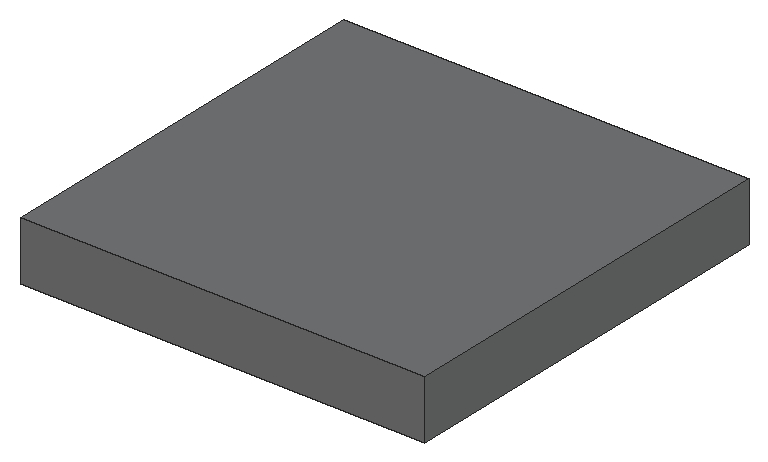
Revit family "Gira_0876005", category Electrical Fixtures, host Face, Revit 2017
Family settings
  Host = Face
  Maintain Annotation Orientation = No
  Round Connector Dimension = Use Diameter
  Part Type = Normal
  Cut with Voids When Loaded = No
  Shared = No
  Room Calculation Point = No
Parameters (values of type "Abd. BSF TAE USB System 55 Schwarz m")
  Zusammenstellung = "Zentralplatte"
  Werkstoffgüte = "sonstige"
  Werkstoff = "Kunststoff"
  Verwendung = "TAE"
  URL = "http://katalog.gira.de/de_DE/datenblatt.html?artikelnr=0876005"
  Transparent = "No"
  Tragring = "No"
  Region = "DE"
  Oberfläche = "sonstige"
  Name = "Abd. BSF TAE USB System 55 Schwarz m"
  Montageart = "unter Putz"
  Mit Zugentlastung = "No"
  Mit Staubschutz = "No"
  Mit Klappdeckel = "No"
  Mit Aufdruck = "No"
  Manufacturer URL = "https://www.gira.de/"
  Lüsterklemme = "No"
  Keynote = "Sys55_Abdeckung_Schalten und Tasten"
  HeinzeBIM = "https://bimportal.heinze.de/bim/abd-bsf-tae-usb-system-55-schwarz-m/11a9fbf9cbfa8a81939bd8b68ac824184f124d17"
  Halogenfrei = "Yes"
  HAN = "0876005"
  Geeignet für Schutzart (IP) = "IP20"
  GTIN = "4010337036531"
  Farbe = "schwarz"
  Default Elevation = 1219.2 mm
  Data sheet (1) = "https://katalog.gira.de/de_DE/download.html?artikelnr=0876005"
  Category = "Einsatz/Abdeckung für Kommunikationstechnik"
  Beschriftungsfeld = "mit Beschriftungsfeld"
  Befestigungsart = "Befestigung mit Schraube"
  Available = "Yes"
  Ausführung der Oberfläche = "matt"
  Anthrazit [instance] = Anthrazit
Reference planes
  plane 1 "Center (Front/Back)": y = 0
  plane 2: z = 0
  plane 3 "Center (Left/Right)": x = 0
Forms (mm)
  Extrusion 1, solid, material "Anthrazit" <- "Anthrazit", detail levels fine
    sketch origin (0, 0, 0) x (1, 0, 0) y (0, 1, 0)
      loop
        line (-27.5, 27.5) -> (-27.5, -27.5) -> (27.5, -27.5) -> (27.5, 27.5) -> (-27.5, 27.5)
    from 0 to 8
  Extrusion 2, void
    sketch origin (0, 0, 0) x (1, 0, 0) y (0, 1, 0)
      loop
        line (26, 26) -> (-26, 26) -> (-26, -26) -> (26, -26) -> (26, 26)
    from 0 to 6
  Extrusion 3, solid, material "Anthrazit" <- "Anthrazit", detail levels medium
    sketch origin (0, 0, 0) x (1, 0, 0) y (0, 1, 0)
      loop
        line (-27.5, 27.5) -> (-27.5, -27.5) -> (27.5, -27.5) -> (27.5, 27.5) -> (-27.5, 27.5)
    from 0 to 8
  Extrusion 4, solid, material "Anthrazit" <- "Anthrazit", detail levels medium
    sketch origin (0, 0, 0) x (1, 0, 0) y (0, 1, 0)
      loop
        line (11, -17.5) -> (11, 17.5) -> (-11, 17.5) -> (-11, -17.5) -> (11, -17.5)
    from -6 to 6
  Extrusion 5, solid, material "Anthrazit" <- "Anthrazit", detail levels fine
    sketch origin (0, 0, 0) x (1, 0, 0) y (0, 1, 0)
      loop
        line (11, 17.5) -> (-11, 17.5) -> (-11, 16.5) -> (11, 16.5) -> (11, 17.5)
      loop
        line (-11, -16.5) -> (-11, -17.5) -> (11, -17.5) -> (11, -16.5) -> (-11, -16.5)
    from -4 to 6
  Extrusion 6, solid, material "Anthrazit" <- "Anthrazit", detail levels fine
    sketch origin (0, 0, 0) x (1, 0, 0) y (0, 1, 0)
      loop
        arc (5, 9.347) -> (0, 10.6) -> (-5, 9.347) r 10.6
        line (-5, 9.347) -> (-5, -9.347)
        arc (-5, -9.347) -> (0, -10.6) -> (5, -9.347) r 10.6
        line (5, -9.347) -> (5, 9.347)
    from -6 to 6
  Extrusion 7, solid, material "Anthrazit" <- "Anthrazit", detail levels coarse
    sketch origin (0, 0, 0) x (1, 0, 0) y (0, 1, 0)
      loop
        line (-27.5, 27.5) -> (-27.5, -27.5) -> (27.5, -27.5) -> (27.5, 27.5) -> (-27.5, 27.5)
    from -6 to 8
Cuts and joins
  Extrusion 2 cuts Extrusion 1
Dimensions and locks
  aligned and locked: plane 2 to host face
  aligned and locked: level to host face
